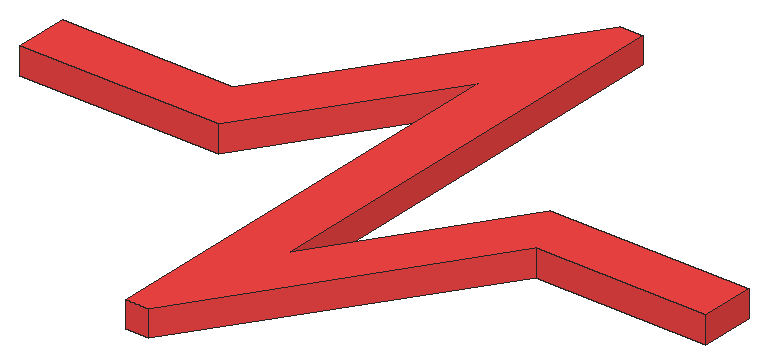
Revit family "SOL", category Electrical Equipment, Revit 2025
Family settings
  Panel Configuration = Two Columns, Circuits Across
  Round Connector Dimension = Use Diameter
  Part Type = Panelboard
  OmniClass Number = 23.80.30.11.17
  OmniClass Title = Distribution Boards and Control Panels
  Work Plane-Based = No
  Always vertical = Yes
  Cut with Voids When Loaded = No
  Maintain Annotation Orientation = No
  Shared = No
  Room Calculation Point = No
Parameters
  Type_Code = "SOL"
  Subsystem [instance] = ""
  built-in parameter 1140142 [instance] = -1
  Seq_Number [instance] = 0
  Segment [instance] = ""
  PDP [instance] = ""
  MCP [instance] = ""
  built-in parameter 1140140 [instance] = 1 (stored number, unit not read)
  IO_Block_Number [instance] = ""
  built-in parameter 1155100 [instance] = -1
  Detail [instance] = ""
  Default Elevation = 0' - 0"
  Conveyor_Number [instance] = ""
  Conveyor_Elevation_In [instance] = 2' - 6"
Reference planes (in)
  plane 1 "Center (Front/Back)": y = 0
  plane 2: z = 0
  plane 3 "Center (Left/Right)": x = 0
  plane 4: y = 2.75
  plane 5: y = -2.75
  plane 6: x = 3.25
  plane 7: x = -3.25
  plane 8 "Top_of_Roller": z = 30
  plane 9: z = 30.25
Forms (in)
  Extrusion 1, solid, material "Solenoid"
    sketch origin (0, 0, 0) x (1, 0, 0) y (0, 1, 0)
      loop
        line (-3.25, -0.25) -> (-1.3662, -0.25) -> (-0.25, 1.42431) -> (-0.25, -2.75) -> (-0.03287, -2.75) -> (1.6338, -0.25) -> (3.25, -0.25) -> (3.25, 0.25) -> (1.3662, 0.25) -> (0.25, -1.42431) -> (0.25, 2.75) -> (0.03287, 2.75) -> (-1.6338, 0.25) -> (-3.25, 0.25) -> (-3.25, -0.25)
    from 30 to 30.25
Dimensions and locks (in)
  equal spacing: plane 7, plane 3 "Center (Left/Right)", plane 6
  locked: plane 7 to plane 6 at 6.5
  equal spacing: plane 4, plane 1 "Center (Front/Back)", plane 5
  locked: plane 4 to plane 5 at 5.5
  locked: Extrusion 1 sketch curve to Extrusion 1 sketch curve at 0.5  (x4)
  Extrusion 1 sketch curve to Extrusion 1 sketch curve = 0' - 1.6162"
  Extrusion 1 sketch curve to Extrusion 1 sketch curve = 0' - 0 1/2"
  locked: Extrusion 1 sketch curve to Extrusion 1 sketch curve at 1.8838
  locked: Extrusion 1 sketch curve to Extrusion 1 sketch curve at 1.6162
  locked: Extrusion 1 sketch curve to Extrusion 1 sketch curve at 4.17431  (x2)
  "Conveyor_Elevation_In": plane 8 "Top_of_Roller" to level
  locked: plane 9 to plane 8 "Top_of_Roller" at 0.25
  locked: Extrusion 1 sketch curve to Extrusion 1 sketch curve (angle 123.69°)  (x2)
  angle Extrusion 1 sketch curve to Extrusion 1 sketch curve = 123.69°
  angle Extrusion 1 sketch curve to Extrusion 1 sketch curve = 33.6901°
  aligned and locked: level to plane 2
  aligned and locked: plane 9 to Extrusion 1
  aligned and locked: Extrusion 1 to plane 8 "Top_of_Roller"
Automatic sketch dimensions
  Extrusion 1 sketch curve to plane 4 = 0' - 0"
  Extrusion 1 sketch curve to plane 7 = 0' - 0"
  plane 3 "Center (Left/Right)" to Extrusion 1 sketch curve = 0' - 0.03287"
  plane 6 to Extrusion 1 sketch curve = 0' - 0"
  Extrusion 1 sketch curve to plane 5 = 0' - 0"
